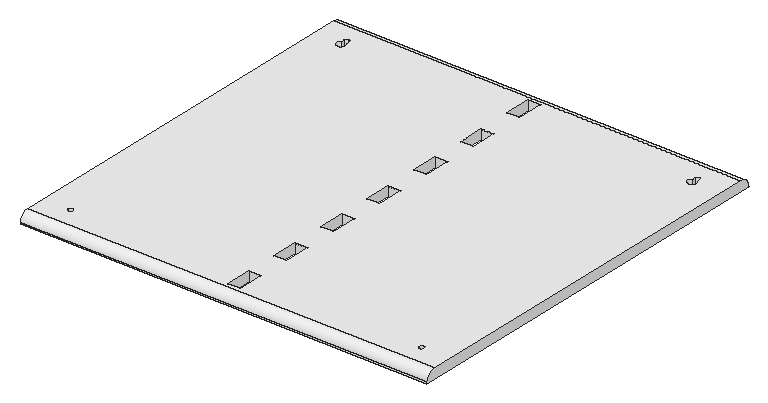
Revit family "Leviton_49605-14F-14-inch_Flush_Cover-Single_Unit", category Generic Models, Revit 2026
Family settings
  Can host rebar = No
  Round Connector Dimension = Use Diameter
  Part Type = Normal
  Work Plane-Based = No
  Always vertical = Yes
  Cut with Voids When Loaded = No
  Maintain Annotation Orientation = No
  Shared = No
  Room Calculation Point = No
Parameters
  Width = 15.73"
  Manufacturer = "https://www.arcat.com/arcatcos/cos41/arc41690.html"  # constant formula
  Height = 15.52"
  Default Elevation = 0.00"
Reference planes (in)
  plane 1 "Center (Front/Back)": y = 0
  plane 2: z = 0
  plane 3 "Center (Left/Right)": x = 0
  plane 4: x = -7.865
  plane 5: x = 7.865
  plane 6: y = -7.76
  plane 7: y = 7.76
Forms (in)
  Extrusion 1, solid, material "ARCAT-White Plastic"
    sketch origin (0, 0, 0) x (0, 1, 0) y (0, 0, 1)
      loop
        line (7.76, 0) -> (7.75773, 0.04323)
        arc (7.75773, 0.04323) -> (7.64914, 0.2788) -> (7.40821, 0.37492) r 0.35
        line (7.40821, 0.37492) -> (-7.40821, 0.37492)
        arc (-7.40821, 0.37492) -> (-7.64914, 0.2788) -> (-7.75773, 0.04323) r 0.35
        line (-7.75773, 0.04323) -> (-7.76, 0) -> (7.76, 0)
    from -7.865 to 7.865
  Extrusion 2, void
    sketch origin (0, 0, 0) x (1, 0, 0) y (0, 1, 0)
      loop
        line (-0.25902, 7.24921) -> (-0.25902, 6.24783) -> (0.24247, 6.24783) -> (0.24247, 7.24921) -> (-0.25902, 7.24921)
      loop
        line (-0.25902, 4.9997) -> (-0.25902, 3.99832) -> (0.24247, 3.99832) -> (0.24247, 4.9997) -> (-0.25902, 4.9997)
      loop
        line (-0.25981, 2.76015) -> (-0.25981, 1.75878) -> (0.24167, 1.75878) -> (0.24167, 2.76015) -> (-0.25981, 2.76015)
      loop
        line (-0.25902, 0.50069) -> (-0.25902, -0.50069) -> (0.24247, -0.50069) -> (0.24247, 0.50069) -> (-0.25902, 0.50069)
      loop
        line (-0.25902, -1.74882) -> (-0.25902, -2.7502) -> (0.24247, -2.7502) -> (0.24247, -1.74882) -> (-0.25902, -1.74882)
      loop
        line (-0.25902, -3.99832) -> (-0.25902, -4.9997) -> (0.24247, -4.9997) -> (0.24247, -3.99832) -> (-0.25902, -3.99832)
      loop
        line (-0.25902, -6.24783) -> (-0.25902, -7.24921) -> (0.24247, -7.24921) -> (0.24247, -6.24783) -> (-0.25902, -6.24783)
    from -0.61319 to 0.64829
  Extrusion 3, void
    sketch origin (0, 0, 0) x (1, 0, 0) y (0, 1, 0)
      loop
        arc (-6.69431, 6.65696) -> (-6.79431, 6.75689) -> (-6.89426, 6.65691) r 0.09998
        line (-6.89426, 6.65691) -> (-6.89426, 6.55064)
        arc (-6.89426, 6.55064) -> (-6.79428, 6.2321) -> (-6.69431, 6.55064) r 0.17496
        line (-6.69431, 6.55064) -> (-6.69431, 6.65696)
      loop
        arc (6.87772, 6.65723) -> (6.77762, 6.75698) -> (6.67776, 6.657) r 0.09998
        line (6.67776, 6.657) -> (6.67776, 6.55064)
        arc (6.67776, 6.55064) -> (6.77774, 6.2321) -> (6.87772, 6.55064) r 0.17496
        line (6.87772, 6.55064) -> (6.87772, 6.65723)
      loop
        circle (-6.79428, -6.66124) r 0.09998
      loop
        circle (6.77774, -6.66124) r 0.09998
    from -1.0004 to 1.64947
Cuts and joins
  Extrusion 2, Extrusion 3 cuts Extrusion 1
Dimensions and locks (in)
  equal spacing: plane 4, plane 3 "Center (Left/Right)", plane 5
  "Width": plane 4 to plane 5
  equal spacing: plane 7, plane 1 "Center (Front/Back)", plane 6
  plane 7 to plane 6 = 15.52"
  equal spacing: plane 6, plane 1 "Center (Front/Back)", plane 7
  "Height": plane 6 to plane 7
  aligned and locked: plane 2 to level
Automatic sketch dimensions
  Extrusion 1 sketch curve to plane 6 = 0.00"
  Extrusion 1 sketch curve to plane 6 = 0.00227"
  level to Extrusion 1 sketch curve = 0.02492"  (x2)
  Extrusion 1 sketch curve to Extrusion 1 sketch curve = 0.34952"
  plane 7 to Extrusion 1 sketch curve = 0.00227"
  level to Extrusion 1 sketch curve = 0.04323"  (x2)
  Extrusion 1 sketch curve to plane 7 = 0.00"
  Extrusion 1 sketch curve to level = 0.00"
  Extrusion 2 sketch curve to plane 3 "Center (Left/Right)" = 0.25981"
  Extrusion 2 sketch curve to plane 3 "Center (Left/Right)" = 0.25902"  (x6)
  plane 3 "Center (Left/Right)" to Extrusion 2 sketch curve = 0.24167"
  plane 3 "Center (Left/Right)" to Extrusion 2 sketch curve = 0.24247"  (x6)
  Extrusion 2 sketch curve to Extrusion 2 sketch curve = 1.00138"  (x6)
  Extrusion 2 sketch curve to Extrusion 2 sketch curve = 1.24813"  (x4)
  plane 1 "Center (Front/Back)" to Extrusion 2 sketch curve = 0.50069"
  Extrusion 2 sketch curve to plane 1 "Center (Front/Back)" = 0.50069"
  Extrusion 2 sketch curve to Extrusion 2 sketch curve = 1.25809"
  Extrusion 2 sketch curve to Extrusion 2 sketch curve = 1.23817"
  plane 4 to Extrusion 3 sketch curve = 0.97074"
  Extrusion 3 sketch curve to Extrusion 3 sketch curve = 0.09998"  (x4)
  plane 7 to Extrusion 3 sketch curve = 1.35294"  (x2)
  Extrusion 3 sketch curve to Extrusion 3 sketch curve = 0.14358"  (x2)
  Extrusion 3 sketch curve to Extrusion 3 sketch curve = 0.10627"
  Extrusion 3 sketch curve to Extrusion 3 sketch curve = 0.00005"
  Extrusion 3 sketch curve to plane 5 = 1.18724"
  Extrusion 3 sketch curve to Extrusion 3 sketch curve = 0.10636"
  Extrusion 3 sketch curve to Extrusion 3 sketch curve = 0.00023"
